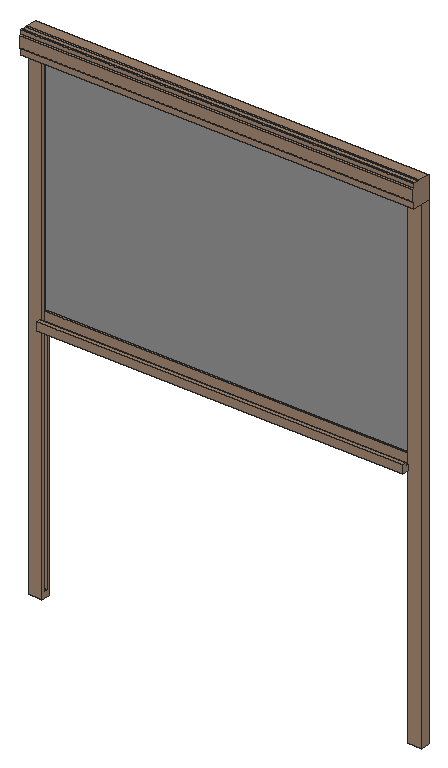
Revit family "Screen_Window_PrestigeSeries_PhantomScreens", category Windows, host Wall, Revit 2014
Parameters (values of type "Type as Specified")
  Wooden Slide Bar = Dark Ash
  URL = "http://www.phantomscreens.com/"
  Track Width = 0' - 1 89/256"
  Track Depth = 0' - 0 223/256"
  Specification = "http://www.phantomscreens.com/architects-designers/specifications-binder/"
  Slide Bar Height = 0' - 1.395"
  Slide Bar Depth = 0' - 1 1/2"
  Screen Thickness = 0' - 0 1/32"
  Screen = BetterVue™ Mesh
  Sales Information = "http://www.phantomscreens.com/support/"
  Revision = "R1_08-2016"
  Product Properties = "http://www.phantomscreens.com/drive/uploads/2015/05/technical_specs_serene.pdf"
  Product Data = "http://www.arcat.com/arcatcos/cos9540/arc40535.html"
  Percent Open [instance] = 50
  Model = "Prestige Series"
  Manufacturer Website = "http://www.phantomscreens.com/"
  Manufacturer Phone - Toll Free = ""
  Manufacturer Phone = "604-855-3654"
  Manufacturer Fax = "604-855-7834"
  Manufacturer Address = "30451 Simpson Rd.; Abbotsford; BC; Canada V2T 6C7"
  Manufacturer = "Phantom Screens"
  Keynote = "08 11 00"
  Installation-Fabrication = "http://www.phantomscreens.com/architects-designers/options/"
  Housing Depth = 0' - 1.901"
  Housing Height = 0' - 2.264"
  Height [instance] = 4' - 0"
  Drawn By = "Sumex Design - Robert S Weygant"
  Description = "Phantom Screens Prestige Series Screen"
  Default Sill Height = 3' - 0"
  Wall Closure = By host
  Width [instance] = 3' - 0"
  Copyright = "� 2016 ARCAT Inc."
  Construction Details = "http://www.arcat.com/details/phantoms/95prod3446.html"
  Assembly Code = "B2020400"
  Amount Open [instance] = Height * (Percent Open / 100)  # 2' - 0"
  Aluminum Track = Dark Ash
  Aluminum Slide Bar = Dark Ash
  Aluminum Housing = Dark Ash
Reference planes (in)
  plane 1 "Center (Front/Back)": y = 0
  plane 2: z = 0
  plane 3 "Center (Left/Right)": x = 0
  plane 4 "Left": x = -18
  plane 5 "Right": x = 18
  plane 6 "Sill": z = 36
  plane 7 "Top": z = 84
  plane 8: z = 86.264
  plane 9: x = 19.34766
  plane 10: x = -19.34766
  plane 11: y = -3
  plane 12: y = -4.901
  plane 13: z = 60
  plane 14: z = 61.395
  plane 15: y = -3.35938
  plane 16: y = -3.39062
  plane 17: y = -3.87109
  plane 18: y = -4.5
Forms (in)
  Extrusion 1, solid, material "Dark Ash" <- "Aluminum Track"
    sketch origin (0, 0, 0) x (1, 0, 0) y (0, 0, 1)
      loop
        line (19.34766, 84) -> (18, 84) -> (18, 36) -> (19.34766, 36) -> (19.34766, 84)
    from 3 to 3.87109
  Extrusion 2, solid, material "Dark Ash" <- "Aluminum Track"
    sketch origin (0, 0, 0) x (-1, 0, 0) y (0, 0, -1)
      loop
        line (19.34766, -84) -> (19.34766, -36) -> (18, -36) -> (18, -84) -> (19.34766, -84)
    from 3 to 3.87109
  Extrusion 3, solid, material "Dark Ash" <- "Wooden Slide Bar"
    sketch origin (0, 0, 0) x (0, 1, 0) y (0, 0, 1)
      loop
        line (-3, 61.395) -> (-3.64665, 61.395) -> (-3.64665, 60.54676) -> (-4.12903, 60.54676) -> (-4.12903, 60.79676) -> (-4.5, 60.79676) -> (-4.5, 60) -> (-3, 60) -> (-3, 61.395)
    from -18 to 18
  Extrusion 4, solid, material "BetterVue™ Mesh" <- "Screen"
    sketch origin (0, 0, 0) x (0, 1, 0) y (0, 0, 1)
      loop
        line (-3.35938, 61.395) -> (-3.35938, 84) -> (-3.39062, 84) -> (-3.39062, 61.395) -> (-3.35938, 61.395)
    from -18 to 18
  Extrusion 5, solid, material "Dark Ash" <- "Aluminum Housing"
    sketch origin (0, 0, 0) x (0, 1, 0) y (0, 0, 1)
      loop
        line (-3, 84) -> (-3, 86.264) -> (-4.14063, 86.264) -> (-4.21254, 86.19208) -> (-4.62425, 86.19208) -> (-4.66577, 86.264) -> (-4.74056, 86.264) -> (-4.78672, 86.21783) -> (-4.78672, 85.81578) -> (-4.901, 85.7015) -> (-4.901, 84.6875) -> (-4.78672, 84.57322) -> (-4.78672, 84) -> (-3, 84)
    from -19.34766 to 19.34766
  Extrusion 6, void
    sketch origin (0, 0, 36) x (0, -1, 0) y (1, 0, 0)
      loop
        line (3.23437, 18) -> (3.66016, 18) -> (3.66016, 18.37421) -> (3.76953, 18.37421) -> (3.76953, 19.09766) -> (3.13803, 19.09766) -> (3.13803, 18.37421) -> (3.23437, 18.37421) -> (3.23437, 18)
      loop
        line (3.23437, -18) -> (3.23437, -18.37421) -> (3.13803, -18.37421) -> (3.13803, -19.09766) -> (3.76953, -19.09766) -> (3.76953, -18.37421) -> (3.66016, -18.37421) -> (3.66016, -18) -> (3.23437, -18)
    from 0.62071 to 48
Cuts and joins
  Extrusion 6 cuts Extrusion 1
  Extrusion 6 cuts Extrusion 2
Text (in)
  text "EXTERIOR" at (-69.21001, -25.56818, 0), in view "Ref. Level"
  text "INTERIOR" at (-66.85452, 30.38598, 0), in view "Ref. Level"
  text "Exterior" at (0, 43.65631, 123.19604), in view "Left"
  text "Exterior" at (0, 18.29385, 125.04747), in view "Right"
Dimensions and locks (in)
  equal spacing: plane 4 "Left", plane 3 "Center (Left/Right)", plane 5 "Right"
  "Width": plane 4 "Left" to plane 5 "Right"
  "Height": plane 6 "Sill" to plane 7 "Top"
  "Default Sill Height": plane 2 to plane 6 "Sill"
  "Housing Height": plane 7 "Top" to plane 8
  "Housing Depth": plane 11 to plane 12
  "Screen Thickness": plane 15 to plane 16
  "Slide Bar Height": plane 13 to plane 14
  "Track Width": plane 5 "Right" to plane 9
  "Track Width": plane 10 to plane 4 "Left"
  "Track Depth": plane 17 to plane 11
  "Slide Bar Depth": plane 18 to plane 11
  "Amount Open": plane 13 to plane 6 "Sill"
  aligned and locked: level to plane 2
  aligned and locked: Extrusion 1 to plane 11
  aligned and locked: Extrusion 2 to plane 4 "Left"
  aligned and locked: plane 10 to Extrusion 2
  aligned and locked: plane 14 to Extrusion 3 sketch curve
  aligned and locked: Extrusion 3 sketch curve to plane 11
  aligned and locked: Extrusion 3 sketch curve to plane 13
  aligned and locked: Extrusion 3 to Extrusion 4 sketch curve
  aligned and locked: Extrusion 4 sketch curve to plane 15
  aligned and locked: plane 7 "Top" to Extrusion 4 sketch curve
  aligned and locked: plane 16 to Extrusion 4 sketch curve
  aligned and locked: Extrusion 3 to plane 5 "Right"
  aligned and locked: Extrusion 4 to plane 5 "Right"
  aligned and locked: plane 5 "Right" to Extrusion 3  (x2)
  aligned and locked: Extrusion 1 to plane 9
  aligned and locked: plane 4 "Left" to Extrusion 3
  aligned and locked: plane 14 to Extrusion 3  (x2)
  aligned and locked: Extrusion 3 to plane 13  (x2)
  aligned and locked: Extrusion 4 to plane 7 "Top"
  aligned and locked: plane 5 "Right" to Extrusion 1
  aligned and locked: Extrusion 4 to plane 16
  aligned and locked: plane 15 to Extrusion 4
  aligned and locked: Extrusion 2 to plane 11
  aligned and locked: Extrusion 4 to plane 14
  aligned and locked: Extrusion 3 to plane 11
  aligned and locked: plane 4 "Left" to Extrusion 4
  aligned and locked: Extrusion 5 sketch curve to plane 11
  aligned and locked: plane 7 "Top" to Extrusion 5 sketch curve
  aligned and locked: plane 12 to Extrusion 5 sketch curve
  aligned and locked: plane 8 to Extrusion 5  (x3)
  aligned and locked: plane 12 to Extrusion 5  (x2)
  aligned and locked: plane 7 "Top" to Extrusion 5  (x2)
  aligned and locked: Extrusion 5 to plane 9
  aligned and locked: plane 10 to Extrusion 5
  aligned and locked: Extrusion 1 to plane 17
  aligned and locked: Extrusion 2 to Extrusion 1
  aligned and locked: plane 18 to Extrusion 3
  aligned and locked: Extrusion 5 to plane 11  (x2)
  aligned and locked: Extrusion 6 to plane 7 "Top"
  aligned and locked: cut or joined group of Extrusion 2, Extrusion 6 to plane 11
  aligned and locked: plane 11 to cut or joined group of Extrusion 1, Extrusion 6
  aligned and locked: plane 11 to host wall
Automatic sketch dimensions
  plane 4 "Left" to Extrusion 2 sketch curve = 0' - 0"
  Extrusion 2 sketch curve to plane 6 "Sill" = 0' - 0"
  plane 10 to Extrusion 2 sketch curve = 0' - 0"
  Extrusion 2 sketch curve to plane 7 "Top" = 0' - 0"
  Extrusion 3 sketch curve to plane 16 = 0' - 0.25603"
  plane 13 to Extrusion 3 sketch curve = 0' - 0.54676"
  Extrusion 3 sketch curve to Extrusion 3 sketch curve = 0' - 0 1/4"
  plane 9 to Extrusion 1 sketch curve = 0' - 0"
  Extrusion 1 sketch curve to plane 7 "Top" = 0' - 0"
  Extrusion 3 sketch curve to plane 17 = 0' - 0.25794"
  Extrusion 3 sketch curve to plane 12 = 0' - 0.401"
  plane 5 "Right" to Extrusion 1 sketch curve = 0' - 0"
  Extrusion 1 sketch curve to plane 6 "Sill" = 0' - 0"
  Extrusion 5 sketch curve to plane 8 = 0' - 0.04617"
  Extrusion 5 sketch curve to plane 8 = 0' - 0"  (x2)
  Extrusion 5 sketch curve to plane 12 = 0' - 0.11428"  (x2)
  Extrusion 5 sketch curve to Extrusion 5 sketch curve = 0' - 0.04617"
  Extrusion 5 sketch curve to Extrusion 5 sketch curve = 0' - 0.4117"
  Extrusion 5 sketch curve to Extrusion 5 sketch curve = 0' - 0.07192"
  Extrusion 5 sketch curve to plane 7 "Top" = 0' - 0.57322"
  Extrusion 5 sketch curve to Extrusion 5 sketch curve = 0' - 0.11428"  (x2)
  Extrusion 5 sketch curve to plane 8 = 0' - 0 9/16"
  Extrusion 5 sketch curve to Extrusion 5 sketch curve = 0' - 0.07479"
  Extrusion 5 sketch curve to Extrusion 5 sketch curve = 0' - 0.04152"
  Extrusion 5 sketch curve to plane 8 = 0' - 0.07192"
  Extrusion 6 sketch curve to plane 5 "Right" = 0' - 0"
  Extrusion 6 sketch curve to plane 4 "Left" = 0' - 0"
  plane 15 to Extrusion 6 sketch curve = 0' - 0 1/8"  (x2)
  Extrusion 6 sketch curve to Extrusion 6 sketch curve = 0' - 0.09635"  (x2)
  plane 17 to Extrusion 6 sketch curve = 0' - 0 27/128"
  plane 17 to Extrusion 6 sketch curve = 0' - 0 13/128"  (x2)
  plane 4 "Left" to Extrusion 6 sketch curve = 0' - 0.37421"  (x2)
  Extrusion 6 sketch curve to plane 5 "Right" = 0' - 0.37421"  (x2)
  plane 9 to Extrusion 6 sketch curve = 0' - 0 1/4"
  Extrusion 6 sketch curve to plane 10 = 0' - 0 1/4"
  Extrusion 6 sketch curve to Extrusion 6 sketch curve = 0' - 0 7/64"
